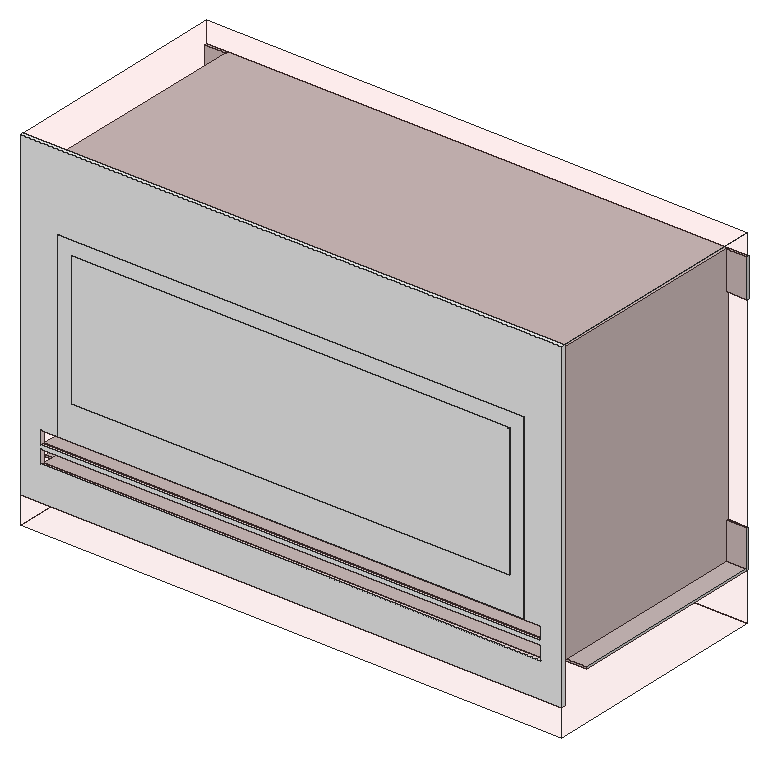
Revit family "Air-Curtain_Customer-Entry_PoweredAire_CLD-CHD", category Mechanical Equipment, host Face, Revit 2022
Family settings
  Host = Face
  Round Connector Dimension = Use Diameter
  Part Type = Normal
  OmniClass Number = 23.75.35.17.21
  OmniClass Title = Air Curtains
  Cut with Voids When Loaded = No
  Maintain Annotation Orientation = No
  Shared = No
  Room Calculation Point = No
Parameters
  Warranty Duration (Years) = 0
  Unit Width Notes = "Other Widths available."  # constant formula
  Unit Width = 3' - 3"
  Unit Weight = 0
  Unit Height = 1' - 4 3/4"
  Unit Depth = 1' - 11 1/4"
  URL = "http://www.poweredaire.com/"
  Test Data = ""
  Temperature Rise_Range = "as Specified"
  Standards Conformance = "as Specified"
  Specification = "http://www.arcat.com/sdspecs/htm04/23_34_33pai.htm"
  SpecWizard = ""
  Sound Pressure = "as Specified"
  Sales Information = "http://www.poweredaire.com/contact_us"
  Revision = "R1_2016-08"
  Projection from Host [instance] = 0' - 2"
  Product Properties = ""
  Product Data = "http://www.arcat.com/arcatcos/cos47/arc47623.html"
  Power Rating = 0 W
  Outlet Volume_Range = "as Specified"
  Outlet Velocity_Range = "as Specified"
  Nozzle Width = if(1 = 1, Unit Width - 0' 3", 0' 0")  # 3' - 0"
  Mounting Width = if(1 = 1, Unit Width - 0' 1 1/2", 0' 0")  # 3' - 1 1/2"
  Mounting Height [instance] = 3' - 6"
  Motor RPM = 0
  Motor HP = 0
  Motor Count = 0
  Model = "As Specified"
  Max Height = 0' - 0"
  Manufacturer Website = "http://www.poweredaire.com/"
  Manufacturer Phone - Toll Free = "888-321-2473"
  Manufacturer Phone = "724-588-3305"
  Manufacturer Fax = "724-588-3371"
  Manufacturer Address = "109 Mortensen Rd.  Greenville, PA 16125"
  Manufacturer = "Powered Aire, Inc"
  Maintenance Schedule (Months) = 0
  Keynote = "23 34 33"
  Installation-Fabrication = ""
  Installation Phase = ""
  Include Clearance [instance] = yes
  Heating Element Load = 0 W
  HVAC_Temperature Rise [instance] = 0 °F
  HVAC_Outlet Volume [instance] = 0 CFM
  HVAC_Outlet Velocity Uniformity = 0
  HVAC_Outlet Velocity [instance] = 0 FPM
  Green Building-LEED = "http://www.arcat.com/green/clients/leed_data_47623.html"
  Front Grating Material [instance] = Metal - Steel - PoweredAire - White Perforated
  Frame Finish [instance] = Metal - Steel - PoweredAire - Stainless 304
  Expected Lifespan (Years) = 0
  Electrical_Wattage [instance] = Power Rating + Heating Element Load  # 0 W
  Electrical_Voltage [instance] = 0 V
  Electrical_Phase [instance] = 1
  Electrical_Frequency [instance] = 0 Hz
  Electrical_Amperage [instance] = 0 A
  Drawn By = "Sumex Design, Inc. / Robert S. Weygant, CSI, CDT, SCIP"
  Description = "Powered Aire Air Curtain as Specified"
  Default Elevation = 0' - 0"  # constant formula
  Cover Finish [instance] = Metal - Steel - PoweredAire - White
  Copyright = "©Arcat Inc."
  Construction Details = "http://www.arcat.com/details/powair/prod3336.html"
  Clearance_Top [instance] = 0' - 0"
  Clearance_Side B [instance] = 0' - 0"
  Clearance_Side A [instance] = 0' - 0"
  Clearance_Intake [instance] = 0' - 0"
  Clearance_Front [instance] = 0' - 0"
  Clearance Material [instance] = ARCAT Clearance
  Building Codes = ""
  Available Options [instance] = "as Specified"
  Assembly Code = "D3090400"
Reference planes (in)
  plane 1 "Center (Elevation)": y = 8.51318
  plane 2: z = 0
  plane 3 "Center (Left/Right)": x = 0
  plane 4: y = 16.88818
  plane 5: y = 0.13818
  plane 6: x = -19.5
  plane 7: x = 19.5
  plane 8: z = 25.25
  plane 9 "FF": y = -41.86182
  plane 10: z = 2
  plane 11: x = 18
  plane 12: x = -18
  plane 13: y = 16.88818
  plane 14: y = 0.13818
  plane 15: x = -19.5
  plane 16: x = 19.5
  plane 17: z = 25.25
  plane 18: y = 0.38818
Forms (in)
  Extrusion 1, solid, material "ARCAT Clearance" <- "Clearance Material", visible <- "Include Clearance"
    sketch origin (0, 0, 0) x (0, 1, 0) y (0, 0, 1)
      loop
        line (0.13818, 25.25) -> (0.13818, 0) -> (16.88818, 0) -> (16.88818, 25.25) -> (0.13818, 25.25)
    from -19.5 to 19.5
  Extrusion 2, solid, material "Metal - Steel - PoweredAire - White" <- "Cover Finish"
    sketch origin (0, 8.51318, 0) x (1, 0, 0) y (0, 0, 1)
      loop
        line (-19.5, 25.25) -> (-19.5, 2) -> (19.5, 2) -> (19.5, 25.25) -> (-19.5, 25.25)
    from 8.125 to 8.375
  Extrusion 3, solid, material "Metal - Steel - PoweredAire - Stainless 304" <- "Frame Finish"
    sketch origin (0, 8.51318, 0) x (1, 0, 0) y (0, 0, 1)
      loop
        line (18, 23.75) -> (-18, 23.75) -> (-18, 3.5) -> (18, 3.5) -> (18, 23.75)
    from -8.375 to 8.125
  Extrusion 4, void
    sketch origin (0, 0, 0) x (0, 1, 0) y (0, 0, 1)
      loop
        line (0.13818, 5.5) -> (0.13818, 4.5) -> (1.88818, 4.5) -> (1.88818, 6.75) -> (0.13818, 6.75) -> (0.13818, 5.75) -> (1.63818, 5.75) -> (1.63818, 5.5) -> (0.13818, 5.5)
    from -18 to 18
  Extrusion 5, solid, material "Metal - Steel - PoweredAire - White" <- "Cover Finish"
    sketch origin (-11.83813, 0.13818, 48) x (-1, 0, 0) y (0, 0, 1)
      loop
        line (4.91187, -41.25) -> (4.91187, -28.25) -> (-28.58813, -28.25) -> (-28.58813, -41.25) -> (4.91187, -41.25)
    from 0 to -0.03125
  Extrusion 6, solid, material "Metal - Steel - PoweredAire - White Perforated" <- "Front Grating Material"
    sketch origin (-11.83813, 0.10693, 48) x (1, 0, 0) y (0, 0, 1)
      loop
        line (-3.91187, -29.25) -> (-3.91187, -38.75) -> (27.58813, -38.75) -> (27.58813, -29.25) -> (-3.91187, -29.25)
    from 0 to 0.03125
  Extrusion 7, solid, material "Metal - Steel - PoweredAire - Stainless 304" <- "Frame Finish"
    sketch origin (-15.17702, -180, 2) x (-1, 0, 0) y (0, -1, 0)
      loop
        line (-33.17702, -196.88818) -> (-33.17702, -182.38818) -> (-34.67702, -182.38818) -> (-34.67702, -196.88818) -> (-33.17702, -196.88818)
      loop
        line (2.82298, -196.88818) -> (4.32298, -196.88818) -> (4.32298, -182.38818) -> (2.82298, -182.38818) -> (2.82298, -196.88818)
    from 1.5 to 1.625
  Extrusion 8, solid, material "Metal - Steel - PoweredAire - Stainless 304" <- "Frame Finish"
    sketch origin (-11.83813, 16.88818, 48) x (-1, 0, 0) y (0, 0, 1)
      loop
        line (7.66187, -44.5) -> (7.66187, -41.75) -> (6.16187, -41.75) -> (6.16187, -44.5) -> (7.66187, -44.5)
      loop
        line (-31.33813, -44.5) -> (-29.83813, -44.5) -> (-29.83813, -41.75) -> (-31.33813, -41.75) -> (-31.33813, -44.5)
      loop
        line (7.66187, -27) -> (7.66187, -24.25) -> (6.16187, -24.25) -> (6.16187, -27) -> (7.66187, -27)
      loop
        line (-31.33813, -27) -> (-29.83813, -27) -> (-29.83813, -24.25) -> (-31.33813, -24.25) -> (-31.33813, -27)
    from 0 to -0.125
Cuts and joins
  Extrusion 4 cuts Extrusion 2
  Extrusion 4 cuts Extrusion 3
Dimensions and locks (in)
  equal spacing: plane 4, plane 1 "Center (Elevation)", plane 5
  "Unit Height": plane 4 to plane 5
  equal spacing: plane 6, plane 3 "Center (Left/Right)", plane 7
  "Unit Width": plane 6 to plane 7
  "Mounting Height": plane 5 to plane 9 "FF"
  "Projection from Host": plane 10 to level
  "Unit Depth": plane 8 to plane 10
  locked: plane 6 to plane 12 at 1.5
  locked: plane 11 to plane 7 at 1.5
  "Clearance_Side A": plane 7 to plane 16
  "Clearance_Side B": plane 15 to plane 6
  "Clearance_Top": plane 13 to plane 4
  "Clearance_Intake": plane 5 to plane 14
  "Clearance_Front": plane 17 to plane 8
  locked: plane 8 to Extrusion 3 sketch curve at 1.5
  locked: Extrusion 3 sketch curve to plane 10 at 1.5
  locked: plane 7 to Extrusion 3 sketch curve at 1.5
  locked: Extrusion 3 sketch curve to plane 6 at 1.5
  locked: plane 18 to plane 5 at 0.25
  Extrusion 4 sketch curve to Extrusion 4 sketch curve to Extrusion 4 sketch curve to Extrusion 4 sketch curve to plane 10 = 0' - 1" locked, 0' - 0 1/4" locked, 0' - 1" locked, 0' - 2 1/2" locked
  Extrusion 5 sketch curve to Extrusion 5 sketch curve to plane 10 = 1' - 1" locked, 0' - 4 3/4" locked
  locked: plane 11 to Extrusion 5 sketch curve at 1.25
  locked: Extrusion 5 sketch curve to plane 12 at 1.25
  Extrusion 6 sketch curve to Extrusion 6 sketch curve to plane 10 = 0' - 9 1/2" locked, 0' - 7 1/4" locked
  locked: Extrusion 6 sketch curve to plane 12 at 2.25
  locked: plane 11 to Extrusion 6 sketch curve at 2.25
  locked: plane 4 to Extrusion 7 sketch curve at 14.5  (x2)
  Extrusion 8 sketch curve to Extrusion 8 sketch curve to Extrusion 8 sketch curve to Extrusion 8 sketch curve to plane 10 = 0' - 2 3/4" locked, 1' - 2 3/4" locked, 0' - 2 3/4" locked, 0' - 1 1/2" locked  (x2)
  aligned and locked: plane 2 to host face
  aligned and locked: level to host face
  aligned and locked: Extrusion 1 sketch curve to plane 17
  aligned and locked: plane 14 to Extrusion 1 sketch curve
  aligned and locked: level to Extrusion 1 sketch curve
  aligned and locked: Extrusion 1 sketch curve to plane 13
  aligned and locked: plane 16 to Extrusion 1
  aligned and locked: Extrusion 1 to plane 15
  aligned and locked: Extrusion 2 sketch curve to plane 8
  aligned and locked: plane 6 to Extrusion 2 sketch curve
  aligned and locked: Extrusion 2 sketch curve to plane 10
  aligned and locked: Extrusion 2 sketch curve to plane 7
  aligned and locked: Extrusion 3 to plane 4
  aligned and locked: Extrusion 3 to plane 18
  aligned and locked: Extrusion 2 to plane 18
  aligned and locked: Extrusion 2 to plane 5
  aligned and locked: plane 11 to Extrusion 4
  aligned and locked: Extrusion 4 to plane 12
  aligned and locked: Extrusion 7 sketch curve to plane 4  (x2)
Automatic sketch dimensions
  host sketch curve to host sketch curve = 8' - 0"  (x2)
  Extrusion 4 sketch curve to plane 5 = 0' - 0"  (x2)
  plane 18 to Extrusion 4 sketch curve = 0' - 1 1/4"
  Extrusion 4 sketch curve to Extrusion 4 sketch curve = 0' - 0 1/4"
  Extrusion 7 sketch curve to plane 7 = 0' - 0"
  Extrusion 7 sketch curve to plane 11 = 0' - 0"
  Extrusion 7 sketch curve to plane 12 = 0' - 0"
  Extrusion 7 sketch curve to plane 6 = 0' - 0"
  Extrusion 8 sketch curve to plane 7 = 0' - 0"  (x2)
  Extrusion 8 sketch curve to plane 11 = 0' - 0"  (x2)
  Extrusion 8 sketch curve to plane 12 = 0' - 0"  (x2)
  Extrusion 8 sketch curve to plane 6 = 0' - 0"  (x2)
Connectors (in)
  electrical at (-18, 4.88818, 9.625), driven by "Electrical_Voltage", driven by "Electrical_Phase"
    settings: on cut or joined group of Extrusion 3, Extrusion 4, index 1, voltage 0 V, apparent load 0 VA, apparent load phase1 0 VA, apparent load phase2 0 VA, apparent load phase3 0 VA, power factor 1, load classification "Other", number of poles 1, system type 31, power factor state 1, is connector primary yes, connector utility no, sub classification motor no, connector description ""
